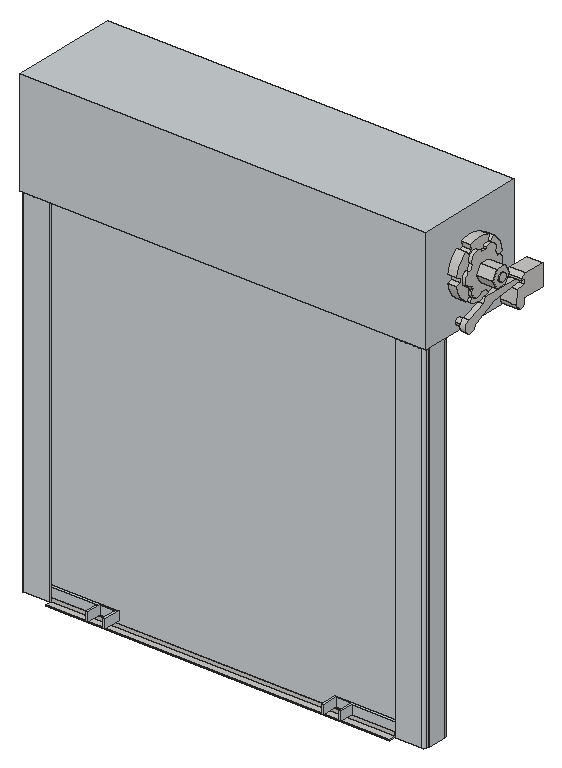
Revit family "Overhead_Door-CHI_Overhead_Doors-Counter_Shutter-7500", category Specialty Equipment, host Wall, Revit 2026 (continued)
Definition of nested family "Tension&Drive Headplates"
  Automatic sketch dimensions
    Extrusion 1 sketch curve to Extrusion 1 sketch curve = 0' - 0.13659"
    Extrusion 1 sketch curve to Extrusion 1 sketch curve = 0' - 0.14227"
    level to Extrusion 1 sketch curve = 0' - 3.13054"
    Extrusion 1 sketch curve to Extrusion 1 sketch curve = 0' - 0.37902"
    Extrusion 1 sketch curve to Extrusion 1 sketch curve = 0' - 0.38496"
    Extrusion 1 sketch curve to Extrusion 1 sketch curve = 0' - 1.01037"
    level to Extrusion 1 sketch curve = 0' - 5.09554"
    Extrusion 1 sketch curve to Extrusion 1 sketch curve = 0' - 0.51827"
    Extrusion 1 sketch curve to Extrusion 1 sketch curve = 0' - 0.5207"
    Extrusion 1 sketch curve to Extrusion 1 sketch curve = 0' - 0.38988"
    Extrusion 1 sketch curve to Extrusion 1 sketch curve = 0' - 0.51661"
    Extrusion 1 sketch curve to Extrusion 1 sketch curve = 0' - 0.51105"
    Extrusion 1 sketch curve to Extrusion 1 sketch curve = 0' - 0.25098"  (x2)
    Extrusion 1 sketch curve to Extrusion 1 sketch curve = 0' - 0.2529"  (x2)
    Extrusion 1 sketch curve to Extrusion 1 sketch curve = 0' - 0.14071"
    Extrusion 1 sketch curve to Extrusion 1 sketch curve = 0' - 0.13755"
    Extrusion 1 sketch curve to Extrusion 1 sketch curve = 0' - 0.50388"  (x2)
    Extrusion 1 sketch curve to Extrusion 1 sketch curve = 0' - 0.13767"
    Extrusion 1 sketch curve to Extrusion 1 sketch curve = 0' - 0.13907"
    Extrusion 1 sketch curve to Extrusion 1 sketch curve = 0' - 0.38242"
    Extrusion 1 sketch curve to Extrusion 1 sketch curve = 0' - 0.37825"
    Extrusion 1 sketch curve to Extrusion 1 sketch curve = 0' - 0.52402"
    level to Extrusion 2 sketch curve = 0' - 2.22583"
    level to Extrusion 2 sketch curve = 0' - 1.92931"
    Extrusion 2 sketch curve to Extrusion 2 sketch curve = 0' - 1.26987"
    level to Extrusion 2 sketch curve = 0' - 0.86076"
    level to Extrusion 2 sketch curve = 0' - 2.76278"
    Extrusion 2 sketch curve to Extrusion 2 sketch curve = 0' - 0.00026"
    level to Extrusion 2 sketch curve = 0' - 2.40925"
    level to Extrusion 2 sketch curve = 0' - 1.58609"
    Extrusion 2 sketch curve to plane 3 "Center (Left/Right)" = 0' - 1.75104"
    Extrusion 2 sketch curve to Extrusion 2 sketch curve = 0' - 0.12933"
    Extrusion 2 sketch curve to Extrusion 2 sketch curve = 0' - 0.6465"
    Extrusion 2 sketch curve to Extrusion 2 sketch curve = 0' - 1.13771"
    Extrusion 2 sketch curve to Extrusion 2 sketch curve = 0' - 0.22304"
    Extrusion 2 sketch curve to Extrusion 2 sketch curve = 0' - 3.35336"
    level to Extrusion 3 sketch curve = 0' - 0.72406"
    plane 3 "Center (Left/Right)" to Extrusion 3 sketch curve = 0' - 3.74297"
    level to Extrusion 3 sketch curve = 0' - 2.11055"
    Extrusion 3 sketch curve to Extrusion 3 sketch curve = 0' - 0.13416"
    Extrusion 3 sketch curve to Extrusion 3 sketch curve = 0' - 0.46029"
    Extrusion 3 sketch curve to Extrusion 3 sketch curve = 0' - 0.4616"
    level to Extrusion 3 sketch curve = 0' - 3.27086"
    Extrusion 3 sketch curve to Extrusion 3 sketch curve = 0' - 1.0049"
    level to Extrusion 3 sketch curve = 0' - 1.05029"
    Extrusion 3 sketch curve to Extrusion 3 sketch curve = 0' - 2.40205"
    Extrusion 3 sketch curve to Extrusion 3 sketch curve = 0' - 0.51779"
    level to Extrusion 3 sketch curve = 0' - 2.90745"
    level to Extrusion 3 sketch curve = 0' - 2.76381"
    Extrusion 3 sketch curve to Extrusion 3 sketch curve = 0' - 0.42149"
    level to Extrusion 3 sketch curve = 0' - 2.30375"
    Extrusion 3 sketch curve to Extrusion 3 sketch curve = 0' - 0.00034"
    plane 3 "Center (Left/Right)" to Extrusion 9 sketch curve = 0' - 0"
    plane 3 "Center (Left/Right)" to Extrusion 10 sketch curve = 0' - 0"
    Extrusion 8 sketch curve to Extrusion 8 sketch curve = 0' - 0"  (x271)
    Extrusion 8 sketch curve to plane 3 "Center (Left/Right)" = 0' - 2.7046"
    Extrusion 8 sketch curve to Extrusion 8 sketch curve = 0' - 0 47/128"  (x8)
    Extrusion 8 sketch curve to Extrusion 8 sketch curve = 0' - 0.04458"  (x2)
    Extrusion 8 sketch curve to Extrusion 8 sketch curve = 0' - 0.31127"  (x8)
    Extrusion 8 sketch curve to Extrusion 8 sketch curve = 0' - 0.44955"  (x2)
    Extrusion 8 sketch curve to Extrusion 8 sketch curve = 0' - 0.20799"  (x8)
    Extrusion 8 sketch curve to Extrusion 8 sketch curve = 0' - 0.78607"  (x2)
    Extrusion 8 sketch curve to Extrusion 8 sketch curve = 0' - 0.92989"  (x2)
    Extrusion 8 sketch curve to Extrusion 8 sketch curve = 0' - 0.07303"  (x8)
    Extrusion 8 sketch curve to Extrusion 8 sketch curve = 0' - 0.65753"  (x2)
    Extrusion 8 sketch curve to Extrusion 8 sketch curve = 0' - 0.8591"  (x2)
    level to Extrusion 8 sketch curve = 0' - 3.16257"
    Extrusion 8 sketch curve to Extrusion 8 sketch curve = 0' - 1.98158"
    level to Extrusion 8 sketch curve = 0' - 3.51842"
    Extrusion 8 sketch curve to Extrusion 8 sketch curve = 0' - 0.35585"
    Extrusion 4 sketch curve to plane 6 = 0' - 0.71846"  (x2)
    Extrusion 4 sketch curve to plane 3 "Center (Left/Right)" = 0' - 1.93354"
    plane 6 to Extrusion 4 sketch curve = 0' - 0.69763"  (x2)
    Extrusion 4 sketch curve to Extrusion 4 sketch curve = 0' - 0.02423"
    plane 6 to Extrusion 4 sketch curve = 0' - 0.61889"  (x2)
    Extrusion 4 sketch curve to Extrusion 4 sketch curve = 0' - 0.13685"  (x2)
    Extrusion 4 sketch curve to plane 6 = 0' - 0.62409"  (x2)
    Extrusion 4 sketch curve to Extrusion 4 sketch curve = 0' - 0.1629"
    Extrusion 4 sketch curve to plane 6 = 0' - 0.01504"
    Extrusion 4 sketch curve to Extrusion 4 sketch curve = 0' - 0.34666"
    Extrusion 4 sketch curve to plane 6 = 0' - 1 39/128"  (x2)
    Extrusion 4 sketch curve to Extrusion 4 sketch curve = 0' - 0.3747"
    Extrusion 4 sketch curve to Extrusion 4 sketch curve = 0' - 0.59215"  (x2)
    Extrusion 4 sketch curve to Extrusion 4 sketch curve = 0' - 0.60931"  (x2)
    Extrusion 4 sketch curve to Extrusion 4 sketch curve = 0' - 0.46901"  (x2)
    Extrusion 4 sketch curve to plane 6 = 0' - 1.84544"
    Extrusion 4 sketch curve to Extrusion 4 sketch curve = 0' - 0.48521"
    Extrusion 4 sketch curve to plane 6 = 0' - 2.00333"
    Extrusion 4 sketch curve to Extrusion 4 sketch curve = 0' - 0.00023"
    Extrusion 4 sketch curve to Extrusion 4 sketch curve = 0' - 0.68924"
    Extrusion 4 sketch curve to Extrusion 4 sketch curve = 0' - 0.69495"
    Extrusion 4 sketch curve to Extrusion 4 sketch curve = 0' - 0.48544"
    Extrusion 4 sketch curve to plane 6 = 0' - 1.22553"
    plane 6 to Extrusion 4 sketch curve = 0' - 1.22135"  (x2)
    Extrusion 4 sketch curve to Extrusion 4 sketch curve = 0' - 0.13662"
    plane 6 to Extrusion 4 sketch curve = 0' - 1.3001"
    Extrusion 4 sketch curve to Extrusion 4 sketch curve = 0' - 0.22838"
    Extrusion 4 sketch curve to Extrusion 4 sketch curve = 0' - 0.1589"
    Extrusion 4 sketch curve to Extrusion 4 sketch curve = 0' - 0.41087"
    Extrusion 4 sketch curve to Extrusion 4 sketch curve = 0' - 0.21322"  (x2)
    Extrusion 4 sketch curve to Extrusion 4 sketch curve = 0' - 0.18586"
    Extrusion 9 sketch curve to plane 6 = 0' - 0"
    Extrusion 10 sketch curve to plane 6 = 0' - 0"
    radius of Extrusion 6 sketch curve = 0' - 0.40333"
    radius of Extrusion 9 sketch curve = 0' - 0.6325"
    radius of Extrusion 10 sketch curve = 0' - 0.42462"
Definition of nested family "Motor"
  Parameters (values of type "Family1")
    Shutterbox Depth = 0' - 11 1/2"
    Material = none
    Default Elevation = 4' - 0"
  Reference planes (in)
    plane 1 "Center (Front/Back)": y = 0
    plane 2: z = 0
    plane 3 "Center (Left/Right)": x = 0
    plane 4: z = 11
    plane 5: x = -8.5
    plane 6: x = 8.5
    plane 7: y = -13
    plane 8: y = 5.75
    plane 9: y = 11.5
    plane 10: y = -8.66667
    plane 11: y = -4.33333
    plane 12: z = 5.5
    plane 13: y = -6.5
  Forms (in)
    Extrusion 1, solid, material <- "Material"
      sketch origin (0, 0, 0) x (1, 0, 0) y (0, 1, 0)
        loop
          line (-8.5, -8.66667) -> (-8.5, -13) -> (8.5, -13) -> (8.5, -8.66667) -> (-8.5, -8.66667)
      from 0 to 11
    Revolve 2, solid, material <- "Material", detail levels fine
      sketch origin (-11.79379, -6.5, 48) x (-1, 0, 0) y (0, 0, 1)
        loop
          line (-3.29379, -41) -> (-4.29379, -41) -> (-4.29379, -41.5) -> (-9.29379, -41.5) -> (-9.29379, -40.5) -> (-13.04379, -40.5) -> (-13.04379, -41) -> (-16.29379, -41) -> (-16.29379, -40.5) -> (-17.79379, -40.5) -> (-17.79379, -42) -> (-18.29379, -42) -> (-18.29379, -41) -> (-19.79379, -41) -> (-19.79379, -42) -> (-20.29379, -42) -> (-20.29379, -42.5) -> (-3.29379, -42.5) -> (-3.29379, -41)
        axis (-20.29379, -42.5) -> (-3.29379, -42.5)
      angle from 0 to 360
    Extrusion 3, solid, material <- "Material"
      sketch origin (0, 0, 0) x (1, 0, 0) y (0, 0, 1)
        loop
          line (9.125, 9.75) -> (8.5, 9.75) -> (8.5, 1.25) -> (9.125, 1.25) -> (9.125, 1.38074) -> (8.62336, 1.38074) -> (8.62336, 9.61926) -> (9.125, 9.61926) -> (9.125, 9.75)
      from 0.79144 to 8.66667
    Extrusion 4, solid, material <- "Material"
      sketch origin (0, 0, 0) x (1, 0, 0) y (0, 0, 1)
        loop
          line (8.5, 11) -> (8.36799, 11) -> (8.36799, 0) -> (8.5, 0) -> (8.5, 11)
      from 0 to 2.45157
    Extrusion 5, solid, detail levels medium+fine
      sketch origin (0, 0, 0) x (0, 1, 0) y (0, 0, 1)
        loop
          line (-6.04604, 4.84004) -> (5.36183, 3.03146)
          arc (5.36183, 3.03146) -> (3.25112, 5.5) -> (5.36115, 7.96854) r 2.49888
          line (5.36115, 7.96854) -> (-6.0388, 6.15492)
          arc (-6.0388, 6.15492) -> (-5.699, 5.49559) -> (-6.04604, 4.84004) r 0.80101
        loop
          line (5.31331, 8.21397) -> (-6.62754, 6.29264)
          arc (-6.62754, 6.29264) -> (-7.30284, 5.5) -> (-6.62754, 4.70736) r 0.80284
          line (-6.62754, 4.70736) -> (5.31331, 2.78603)
          arc (5.31331, 2.78603) -> (8.49888, 5.5) -> (5.31331, 8.21397) r 2.74888
      from 8.5 to 9.58106
  Dimensions and locks (in)
    equal spacing: plane 6, plane 3 "Center (Left/Right)", plane 5
    plane 6 to plane 5 = 1' - 5"
    plane 4 to plane 2 = 0' - 11"
    plane 7 to plane 1 "Center (Front/Back)" = 1' - 1"
    equal spacing: plane 9, plane 8, plane 1 "Center (Front/Back)"
    "Shutterbox Depth": plane 9 to plane 1 "Center (Front/Back)"
    equal spacing: plane 7, plane 10, plane 11, plane 1 "Center (Front/Back)"
    equal spacing: plane 4, plane 12, plane 2
    equal spacing: plane 11, plane 13, plane 10
    radius of Extrusion 5 sketch curve = 0' - 2.49888"
    radius of Extrusion 5 sketch curve = 0' - 2.74888"
    radius of Extrusion 5 sketch curve = 0' - 0.80284"
    radius of Extrusion 5 sketch curve = 0' - 0.80101"
    aligned and locked: level to plane 2
    aligned and locked: Extrusion 1 sketch curve to plane 10
    aligned and locked: plane 5 to Extrusion 1 sketch curve
    aligned and locked: plane 7 to Extrusion 1 sketch curve
    aligned and locked: Revolve 2 sketch curve to Revolve 2 sketch curve  (x2)
    aligned and locked: Extrusion 3 to plane 10
    aligned and locked: plane 8 to Extrusion 5 sketch curve  (x2)
    aligned and locked: plane 13 to Extrusion 5 sketch curve  (x2)
    aligned and locked: plane 12 to Extrusion 5 sketch curve  (x4)
    aligned and locked: Extrusion 5 to plane 6
  Automatic sketch dimensions
    Extrusion 1 sketch curve to plane 6 = 0' - 0"
    Revolve 2 sketch curve to plane 6 = 0' - 0"
    plane 5 to Revolve 2 sketch curve = 0' - 0"
    Revolve 2 sketch curve to plane 12 = 0' - 0"
    Revolve 2 sketch curve to Revolve 2 sketch curve = 0' - 0 1/2"  (x4)
    Revolve 2 sketch curve to Revolve 2 sketch curve = 0' - 1 1/2"  (x2)
    plane 3 "Center (Left/Right)" to Revolve 2 sketch curve = 0' - 1 1/4"
    Revolve 2 sketch curve to plane 3 "Center (Left/Right)" = 0' - 2 1/2"
    plane 5 to Revolve 2 sketch curve = 0' - 1"
    plane 12 to Revolve 2 sketch curve = 0' - 0 1/2"
    Revolve 2 sketch curve to Revolve 2 sketch curve = 0' - 0"
    Revolve 2 sketch curve to plane 4 = 0' - 4 1/2"
    Revolve 2 sketch curve to Revolve 2 sketch curve = 0' - 1"  (x3)
    Revolve 2 sketch curve to plane 5 = 0' - 3"
    Extrusion 4 sketch curve to plane 4 = 0' - 0"
    Extrusion 4 sketch curve to level = 0' - 0"
    Extrusion 4 sketch curve to plane 6 = 0' - 0"
    Extrusion 4 sketch curve to plane 6 = 0' - 0.13201"
    Extrusion 3 sketch curve to plane 6 = 0' - 0"
    plane 6 to Extrusion 3 sketch curve = 0' - 0.12336"
    Extrusion 3 sketch curve to Extrusion 3 sketch curve = 0' - 0.50164"  (x2)
    level to Extrusion 3 sketch curve = 0' - 1 1/4"
    Extrusion 3 sketch curve to plane 4 = 0' - 1.38074"
    Extrusion 3 sketch curve to Extrusion 3 sketch curve = 0' - 0.13074"  (x2)
    Extrusion 5 sketch curve to Extrusion 5 sketch curve = 0' - 0.13269"
    Extrusion 5 sketch curve to Extrusion 5 sketch curve = 0' - 0.04784"
    Extrusion 5 sketch curve to Extrusion 5 sketch curve = 0' - 0.00068"
    Extrusion 5 sketch curve to Extrusion 5 sketch curve = 0' - 0.04786"
    Extrusion 5 sketch curve to Extrusion 5 sketch curve = 0' - 0.00065"
    plane 13 to Extrusion 5 sketch curve = 0' - 0.4612"
    Extrusion 5 sketch curve to Extrusion 5 sketch curve = 0' - 0"  (x2)
Types (4): name | Product Page URL | Panel Finish | Model | Material | Locks Material | Guides Material | C Model
  Fire Counter Shutter - 7522 - Gray - F1.5 Flat Slat | "https://www.chiohd.com/commercial-doors/fire-shutters/7522" | Steel - C.H.I Overhead Doors - F1.5 Flat Slat - Unpainted Galvanized | "7522" | Steel - C.H.I Overhead Doors - Unpainted Galvanized | Steel - C.H.I Overhead Door - Plated | Steel - C.H.I Overhead Doors - Unpainted Galvanized | 1
  Fire Counter Shutter - 7566 - Stainless Steel - F1.5 Flat Slat | "https://www.chiohd.com/commercial-doors/fire-shutters/7566" | Steel - C.H.I Overhead Doors - F1.5 Flat Slat - Stainless | "7566" | Steel - C.H.I Overhead Doors - Stainless | Steel - C.H.I Overhead Doors - Stainless | Steel - C.H.I Overhead Doors - Stainless | 2
  Fire Counter Shutter - 7522 - White - F1.5 Flat Slat | "https://www.chiohd.com/commercial-doors/fire-shutters/7522" | Steel - C.H.I Overhead Doors - F1.5 Flat Slat - White | "7522" | Steel - C.H.I Overhead Doors - White | Steel - C.H.I Overhead Door - Plated | Steel - C.H.I Overhead Doors - White | 1
  Fire Counter Shutter - 7522 - Galvanized - F1.5 Flat Slat | "https://www.chiohd.com/commercial-doors/fire-shutters/7522" | Steel - C.H.I Overhead Doors - F1.5 Flat Slat - Unpainted Galvanized | "7522" | Steel - C.H.I Overhead Doors - Unpainted Galvanized | Steel - C.H.I Overhead Door - Plated | Steel - C.H.I Overhead Doors - Unpainted Galvanized | 1
